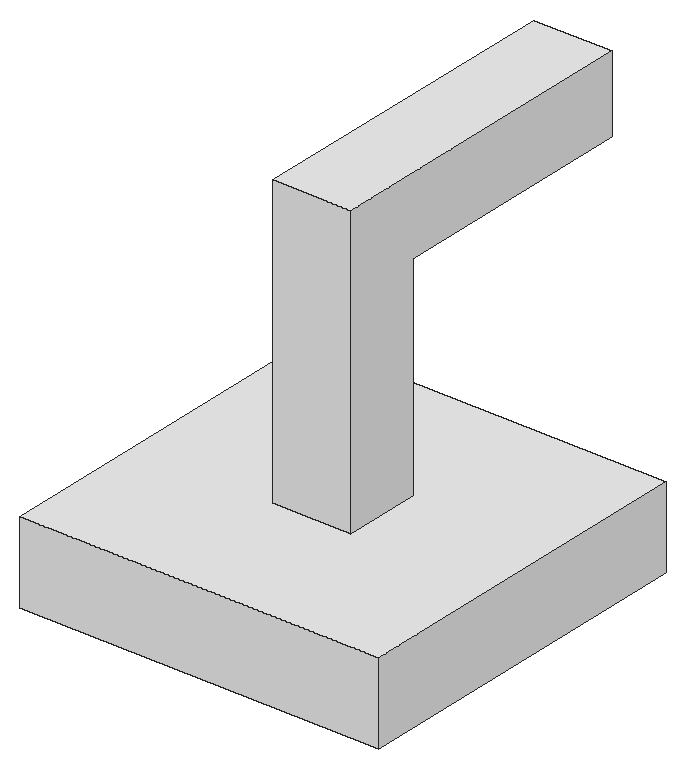
Revit family "Deca_Cabide Clean_2060.C.CLN", category Plumbing Fixtures, host Face, Revit 2013
Parameters (values of type "2060.C.CLN_Cromado CR10")
  Vendido Separadamente = ""
  Variações de COR = "Cromado (2060.C.CLN)"  # constant formula
  URL = "www.deca.com.br/produtos"
  Segmento = "Medio"  # constant formula
  Produto = "Cabide Clean"  # constant formula
  Peso Liquido (Kg) = 0.11
  Norma = "ABNT NBR 10283: 2003"  # constant formula
  Model = Código  # "2060.C.CLN"
  Material = "Deca_Latão Cromado e Plástico de Engenharia"  # constant formula
  Manufacturer = "Deca"  # constant formula
  Louça/Metais = "Metal"  # constant formula
  Linha = "Clean"  # constant formula
  Informações Complementares = "Os parafusos e buchas que acompanham o produto devem ser utilzados apenas em paredes de concreto ou tijolo maciço. Para instalações em Drywall, consultar projetista ou engenheiro da obra"  # constant formula
  HWFU = 0
  Description = "Cabide"  # constant formula
  Default Elevation = 2000 mm
  Código = "2060.C.CLN"  # constant formula
  Criado por = "Contino/quattroD"  # constant formula
  Atendimento ao Cliente = "0800-0117073 "  # constant formula
  Assembly Code = "D2010"
  Aprovado por = "Contino/quattroD"  # constant formula
  Acompanha o Produto = ""
  Acabamento = Deca CR10 Cromado
Reference planes
  plane 1 "Center (Front/Back)": y = 0
  plane 2: z = 0
  plane 3 "Center (Left/Right)": x = 0
  plane 4 "Front 1": z = 45.5
  plane 5 "Right 1": x = 22
  plane 6 "Top 1": y = 22
  plane 7 "Bottom 1": y = -22
  plane 8 "Left 1": x = -22
Forms (mm)
  Extrusion 1, solid, material "Deca CR10 Cromado" <- "Acabamento"
    sketch origin (0, 0, 0) x (1, 0, 0) y (0, 1, 0)
      loop
        line (-22, -22) -> (22, -22) -> (22, 22) -> (-22, 22) -> (-22, -22)
    from 0 to 10
  Extrusion 2, solid, material "Deca CR10 Cromado" <- "Acabamento"
    sketch origin (0, 0, 0) x (0, -1, 0) y (0, 0, -1)
      loop
        line (-35.25, -45.5) -> (4.75, -45.5) -> (4.75, -10) -> (-4.75, -10) -> (-4.75, -36) -> (-35.25, -36) -> (-35.25, -45.5)
    from -4.75 to 4.75
Lines and regions (mm)
  Masking region 1
    outline origin (-236.824, 52.908, 0) x (1, 0, 0) y (0, 1, 0)
      loop
        line (214.824, -30.908) -> (214.824, -74.908) -> (258.824, -74.908) -> (258.824, -30.908) -> (241.574, -30.908) -> (241.574, -17.658) -> (232.074, -17.658) -> (232.074, -30.908) -> (214.824, -30.908)
  Masking region 2
    outline origin (-115.286, 0, -65.745) x (1, 0, 0) y (0, 0, 1)
      loop
        line (93.286, 65.745) -> (137.286, 65.745) -> (137.286, 75.745) -> (120.036, 75.745) -> (120.036, 111.245) -> (110.536, 111.245) -> (110.536, 75.745) -> (93.286, 75.745) -> (93.286, 65.745)
  Masking region 3
    outline origin (0, -89.732, -81.828) x (0, 1, 0) y (0, 0, 1)
      loop
        line (67.732, 81.828) -> (111.732, 81.828) -> (111.732, 91.828) -> (94.482, 91.828) -> (94.482, 117.828) -> (124.982, 117.828) -> (124.982, 127.328) -> (84.982, 127.328) -> (84.982, 91.828) -> (67.732, 91.828) -> (67.732, 81.828)
  symbolic lines
    curve 1: line (-4.75, 22, 0) -> (-4.75, -4.75, 0)
    curve 2: line (-4.75, -4.75, 0) -> (4.75, -4.75, 0)
    curve 3: line (4.75, -4.75, 0) -> (4.75, 22, 0)
    curve 4: line (-4.75, 0, 10) -> (4.75, 0, 10)
    curve 5: line (-4.75, 0, 36) -> (4.75, 0, 36)
    curve 6: line (0, -4.75, 10) -> (0, 4.75, 10)
Dimensions and locks
  plane 8 "Left 1" to plane 5 "Right 1" = 44 mm  (x2)
  plane 6 "Top 1" to plane 7 "Bottom 1" = 44 mm
  plane 4 "Front 1" to host face = 45.5 mm  (x2)
  plane 7 "Bottom 1" to plane 6 "Top 1" = 44 mm
  aligned and locked: host face to plane 2
  aligned and locked: level to host face
  aligned and locked: Extrusion 1 to level
